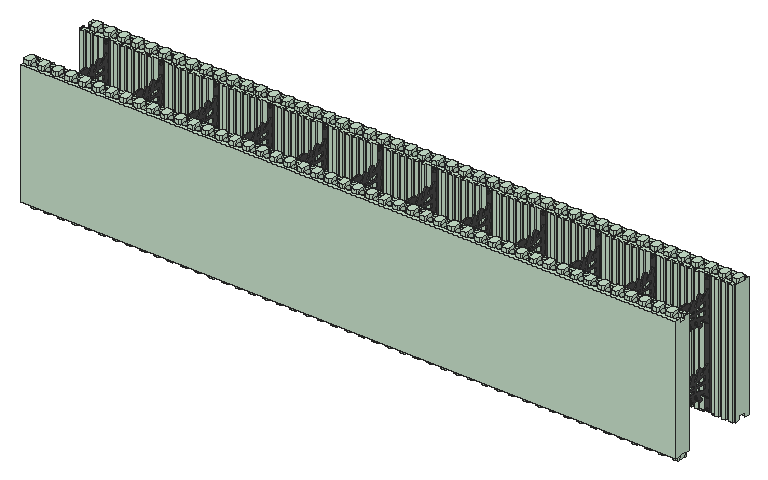
Revit family (continued)
Nested families (in)
  nested 212: "NUDURA Logo Diamond" at (47.99744, 5.625, 0) x (-1, 0, 0) z (0, 0, 1), type "NUDURA Logo Diamond"
  nested 213: "NUDURA Logo Diamond" at (23.99744, 5.625, 0) x (-1, 0, 0) z (0, 0, 1), type "NUDURA Logo Diamond"
  nested 214: "NUDURA Diamond Pattern" at (40, 0, 0), type "NUDURA Diamond Pattern"
  nested 215: "NUDURA Diamond Pattern" at (24, 0, 0), type "NUDURA Diamond Pattern"
  nested 216: "NUDURA Diamond Pattern" at (16, 0, 0), type "NUDURA Diamond Pattern"
  nested 217: "8-inch Web" at (4, -1, 0), type "8-inch Web"
  nested 218: "8-inch Web" at (12, -1, 0), type "8-inch Web"
  nested 219: "8-inch Web" at (20, -1, 0), type "8-inch Web"
  nested 220: "8-inch Web" at (28, -1, 0), type "8-inch Web"
  nested 221: "8-inch Web" at (36, -1, 0), type "8-inch Web"
  nested 222: "8-inch Web" at (44, -1, 0), type "8-inch Web"
  nested 223: "8-inch Web" at (52, -1, 0), type "8-inch Web"
  nested 224: "8-inch Web" at (60, -1, 0), type "8-inch Web"
  nested 225: "8-inch Web" at (68, -1, 0), type "8-inch Web"
  nested 226: "8-inch Web" at (76, -1, 0), type "8-inch Web"
  nested 227: "8-inch Web" at (84, -1, 0), type "8-inch Web"
  nested 228: "8-inch Web" at (92, -1, 0), type "8-inch Web"
Definition of nested family "Interlock Tooth"
  Reference planes (in)
    plane 1 "Center (Front/Back)": y = 0
    plane 2: z = 0
    plane 3 "Center (Left/Right)": x = 0
    plane 4: z = 18
    plane 5: z = 18.5
    plane 6: z = -0.5
  Forms (in)
    Extrusion 1, solid, material "NUDURA Expanded Polystyrene Foam Insulation"
      sketch origin (0, -8.875, 0) x (1, 0, 0) y (0, 1, 0)
        loop
          arc (0, 3.97692) -> (0.04785, 3.82983) -> (0.17308, 3.73905) r 0.25
          arc (0.17308, 3.73905) -> (0.5, 3.6875) -> (0.82692, 3.73905) r 1.0625
          arc (0.82692, 3.73905) -> (0.95215, 3.82983) -> (1, 3.97692) r 0.25
          line (1, 3.97692) -> (1, 4.89808)
          arc (1, 4.89808) -> (0.95215, 5.04517) -> (0.82692, 5.13595) r 0.25
          arc (0.82692, 5.13595) -> (0.5, 5.1875) -> (0.17308, 5.13595) r 1.0625
          arc (0.17308, 5.13595) -> (0.04785, 5.04517) -> (0, 4.89808) r 0.25
          line (0, 4.89808) -> (0, 3.97692)
      from 18 to 18.5
  Dimensions and locks (in)
    locked: plane 4 to level at 18
    locked: plane 4 to plane 5 at 0.5
    locked: plane 6 to level at 0.5
Definition of nested family "8-inch Web"
  Reference planes (in)
    plane 1 "Center (Front/Back)": y = 0
    plane 2: z = 0
    plane 3 "Center (Left/Right)": x = 0
  Forms (in)
    Extrusion 1, solid, material "Polypropylene"
      sketch origin (0, 0, -0.5) x (0, 1, 0) y (0, 0, 1)
        loop
          arc (4.185, 0.98503) -> (4.17874, 0.9705) -> (4.16389, 0.96506) r 0.02
          line (4.16389, 0.96506) -> (4.00611, 0.97383)
          arc (4.00611, 0.97383) -> (3.99126, 0.96839) -> (3.985, 0.95386) r 0.02
          line (3.985, 0.95386) -> (3.985, 0.88265)
          arc (3.985, 0.88265) -> (3.98914, 0.86744) -> (4.00043, 0.85643) r 0.03
          line (4.00043, 0.85643) -> (4.16957, 0.76246)
          arc (4.16957, 0.76246) -> (4.18086, 0.75145) -> (4.185, 0.73624) r 0.03
          line (4.185, 0.73624) -> (4.185, 0.98503)
        loop
          line (-4.185, 0.98503) -> (-4.185, 0.73624)
          arc (-4.185, 0.73624) -> (-4.18086, 0.75145) -> (-4.16957, 0.76246) r 0.03
          line (-4.16957, 0.76246) -> (-4.00043, 0.85643)
          arc (-4.00043, 0.85643) -> (-3.98914, 0.86744) -> (-3.985, 0.88265) r 0.03
          line (-3.985, 0.88265) -> (-3.985, 0.95386)
          arc (-3.985, 0.95386) -> (-3.99126, 0.96839) -> (-4.00611, 0.97383) r 0.02
          line (-4.00611, 0.97383) -> (-4.16389, 0.96506)
          arc (-4.16389, 0.96506) -> (-4.17874, 0.9705) -> (-4.185, 0.98503) r 0.02
        loop
          line (4.02082, 15.41943) -> (4.02082, 15.9194) -> (3.91022, 15.9194) -> (3.91022, 15.98943) -> (4.15332, 15.98943)
          arc (4.15332, 15.98943) -> (4.16974, 15.98724) -> (4.185, 15.98081) r 0.0625
          line (4.185, 15.98081) -> (4.185, 16.6537)
          arc (4.185, 16.6537) -> (4.06705, 16.47067) -> (3.88249, 16.35513) r 0.5
          arc (3.88249, 16.35513) -> (3.7617, 16.26377) -> (3.71582, 16.11943) r 0.25
          line (3.71582, 16.11943) -> (3.71582, 16.05193)
          arc (3.71582, 16.05193) -> (3.73413, 16.00774) -> (3.77832, 15.98943) r 0.0625
          line (3.77832, 15.98943) -> (3.83556, 15.98943) -> (3.83556, 15.9194) -> (3.72137, 15.9194)
          arc (3.72137, 15.9194) -> (3.54907, 15.94401) -> (3.38367, 15.9982) r 0.99729
          arc (3.38367, 15.9982) -> (3.28181, 15.9763) -> (3.25886, 15.87467) r 0.09677
          arc (3.25886, 15.87467) -> (2.80729, 15.53425) -> (2.82496, 16.09948) r 0.31353
          arc (2.82496, 16.09948) -> (2.94751, 16.38546) -> (2.66153, 16.50801) r 0.22
          arc (2.66153, 16.50801) -> (2.42388, 16.35527) -> (2.26931, 16.11881) r 0.67666
          arc (2.26931, 16.11881) -> (2.18004, 15.8095) -> (2.13361, 15.49094) r 2.36477
          arc (2.13361, 15.49094) -> (1.64814, 15.24396) -> (1.68267, 15.78755) r 0.31353
          arc (1.68267, 15.78755) -> (1.7612, 16.07491) -> (1.47916, 16.17081) r 0.21738
          arc (1.47916, 16.17081) -> (1.27447, 16.01742) -> (1.13325, 15.80415) r 0.74993
          line (1.13325, 15.80415) -> (0.99061, 15.41731)
          arc (0.99061, 15.41731) -> (0.48493, 15.24918) -> (0.55907, 15.7769) r 0.31353
          arc (0.55907, 15.7769) -> (0.73529, 16.04091) -> (0.53596, 16.28794) r 0.26801
          arc (0.53596, 16.28794) -> (0.30102, 16.3352) -> (0.06182, 16.35) r 1.75402
          arc (0.06182, 16.35) -> (0.03091, 16.34993) -> (0, 16.34932) r 1.75402
          arc (0, 16.34932) -> (-0.03091, 16.34993) -> (-0.06182, 16.35) r 1.75402
          arc (-0.06182, 16.35) -> (-0.30102, 16.3352) -> (-0.53596, 16.28794) r 1.75402
          arc (-0.53596, 16.28794) -> (-0.73529, 16.04091) -> (-0.55907, 15.7769) r 0.26801
          arc (-0.55907, 15.7769) -> (-0.48493, 15.24918) -> (-0.99061, 15.41731) r 0.31353
          line (-0.99061, 15.41731) -> (-1.13325, 15.80415)
          arc (-1.13325, 15.80415) -> (-1.27447, 16.01742) -> (-1.47916, 16.17081) r 0.74993
          arc (-1.47916, 16.17081) -> (-1.7612, 16.07491) -> (-1.68267, 15.78755) r 0.21738
          arc (-1.68267, 15.78755) -> (-1.64814, 15.24396) -> (-2.13361, 15.49094) r 0.31353
          arc (-2.13361, 15.49094) -> (-2.18004, 15.8095) -> (-2.26931, 16.11881) r 2.36477
          arc (-2.26931, 16.11881) -> (-2.42388, 16.35527) -> (-2.66153, 16.50801) r 0.67666
          arc (-2.66153, 16.50801) -> (-2.94751, 16.38546) -> (-2.82496, 16.09948) r 0.22
          arc (-2.82496, 16.09948) -> (-2.80729, 15.53425) -> (-3.25886, 15.87467) r 0.31353
          arc (-3.25886, 15.87467) -> (-3.28181, 15.9763) -> (-3.38367, 15.9982) r 0.09677
          arc (-3.38367, 15.9982) -> (-3.54907, 15.94401) -> (-3.72137, 15.9194) r 0.99729
          line (-3.72137, 15.9194) -> (-3.83556, 15.9194) -> (-3.83556, 15.98943) -> (-3.77832, 15.98943)
          arc (-3.77832, 15.98943) -> (-3.73413, 16.00774) -> (-3.71582, 16.05193) r 0.0625
          line (-3.71582, 16.05193) -> (-3.71582, 16.11943)
          arc (-3.71582, 16.11943) -> (-3.7617, 16.26377) -> (-3.88249, 16.35513) r 0.25
          arc (-3.88249, 16.35513) -> (-4.06705, 16.47067) -> (-4.185, 16.6537) r 0.5
          line (-4.185, 16.6537) -> (-4.185, 15.98081)
          arc (-4.185, 15.98081) -> (-4.16974, 15.98724) -> (-4.15332, 15.98943) r 0.0625
          line (-4.15332, 15.98943) -> (-3.91022, 15.98943) -> (-3.91022, 15.9194) -> (-4.02082, 15.9194) -> (-4.02082, 15.41943) -> (-3.91022, 15.41943) -> (-3.91022, 15.34943) -> (-4.1225, 15.34943)
          arc (-4.1225, 15.34943) -> (-4.16669, 15.36774) -> (-4.185, 15.41193) r 0.0625
          line (-4.185, 15.41193) -> (-4.185, 14.62693)
          arc (-4.185, 14.62693) -> (-4.16669, 14.67112) -> (-4.1225, 14.68943) r 0.0625
          line (-4.1225, 14.68943) -> (-3.91022, 14.68943) -> (-3.91022, 14.61943) -> (-4.02082, 14.61943) -> (-4.02082, 14.11943) -> (-3.91022, 14.11943) -> (-3.91022, 14.04943) -> (-4.1225, 14.04943)
          arc (-4.1225, 14.04943) -> (-4.16669, 14.06774) -> (-4.185, 14.11193) r 0.0625
          line (-4.185, 14.11193) -> (-4.185, 13.32693)
          arc (-4.185, 13.32693) -> (-4.16669, 13.37112) -> (-4.1225, 13.38943) r 0.0625
          line (-4.1225, 13.38943) -> (-3.91022, 13.38943) -> (-3.91022, 13.31943) -> (-4.02082, 13.31943) -> (-4.02082, 12.81946) -> (-3.91022, 12.81946) -> (-3.91022, 12.74943) -> (-4.1225, 12.74943)
          arc (-4.1225, 12.74943) -> (-4.16669, 12.76774) -> (-4.185, 12.81193) r 0.0625
          line (-4.185, 12.81193) -> (-4.185, 12.21232) -> (-4.11582, 12.21232)
          arc (-4.11582, 12.21232) -> (-4.01183, 12.31528) -> (-3.88249, 12.38373) r 0.5
          arc (-3.88249, 12.38373) -> (-3.7617, 12.47509) -> (-3.71582, 12.61943) r 0.25
          line (-3.71582, 12.61943) -> (-3.71582, 12.68693)
          arc (-3.71582, 12.68693) -> (-3.73413, 12.73112) -> (-3.77832, 12.74943) r 0.0625
          line (-3.77832, 12.74943) -> (-3.83556, 12.74943) -> (-3.83556, 12.81946) -> (-3.72137, 12.81946)
          arc (-3.72137, 12.81946) -> (-3.54907, 12.79485) -> (-3.38367, 12.74066) r 0.99729
          arc (-3.38367, 12.74066) -> (-3.28181, 12.76256) -> (-3.25886, 12.86419) r 0.09677
          arc (-3.25886, 12.86419) -> (-2.80729, 13.20461) -> (-2.82496, 12.63938) r 0.31353
          arc (-2.82496, 12.63938) -> (-2.94751, 12.3534) -> (-2.66153, 12.23085) r 0.22
          arc (-2.66153, 12.23085) -> (-2.42388, 12.38359) -> (-2.26931, 12.62005) r 0.67666
          arc (-2.26931, 12.62005) -> (-2.18004, 12.92936) -> (-2.13361, 13.24792) r 2.36477
          arc (-2.13361, 13.24792) -> (-1.64814, 13.4949) -> (-1.68267, 12.95131) r 0.31353
          arc (-1.68267, 12.95131) -> (-1.7612, 12.66395) -> (-1.47916, 12.56805) r 0.21738
          arc (-1.47916, 12.56805) -> (-1.27447, 12.72144) -> (-1.13325, 12.93471) r 0.74993
          line (-1.13325, 12.93471) -> (-0.99061, 13.32155)
          arc (-0.99061, 13.32155) -> (-0.48493, 13.48968) -> (-0.55907, 12.96196) r 0.31353
          arc (-0.55907, 12.96196) -> (-0.73529, 12.69795) -> (-0.53596, 12.45092) r 0.26801
          arc (-0.53596, 12.45092) -> (-0.30102, 12.40366) -> (-0.06182, 12.38886) r 1.75402
          arc (-0.06182, 12.38886) -> (-0.03091, 12.38893) -> (0, 12.38954) r 1.75402
          arc (0, 12.38954) -> (0.03091, 12.38893) -> (0.06182, 12.38886) r 1.75402
          arc (0.06182, 12.38886) -> (0.30102, 12.40366) -> (0.53596, 12.45092) r 1.75402
          arc (0.53596, 12.45092) -> (0.73529, 12.69795) -> (0.55907, 12.96196) r 0.26801
          arc (0.55907, 12.96196) -> (0.48493, 13.48968) -> (0.99061, 13.32155) r 0.31353
          line (0.99061, 13.32155) -> (1.13325, 12.93471)
          arc (1.13325, 12.93471) -> (1.27447, 12.72144) -> (1.47916, 12.56805) r 0.74993
          arc (1.47916, 12.56805) -> (1.7612, 12.66395) -> (1.68267, 12.95131) r 0.21738
          arc (1.68267, 12.95131) -> (1.64814, 13.4949) -> (2.13361, 13.24792) r 0.31353
          arc (2.13361, 13.24792) -> (2.18004, 12.92936) -> (2.26931, 12.62005) r 2.36477
          arc (2.26931, 12.62005) -> (2.42388, 12.38359) -> (2.66153, 12.23085) r 0.67666
          arc (2.66153, 12.23085) -> (2.94751, 12.3534) -> (2.82496, 12.63938) r 0.22
          arc (2.82496, 12.63938) -> (2.80729, 13.20461) -> (3.25886, 12.86419) r 0.31353
          arc (3.25886, 12.86419) -> (3.28181, 12.76256) -> (3.38367, 12.74066) r 0.09677
          arc (3.38367, 12.74066) -> (3.54907, 12.79485) -> (3.72137, 12.81946) r 0.99729
          line (3.72137, 12.81946) -> (3.83556, 12.81946) -> (3.83556, 12.74943) -> (3.77832, 12.74943)
          arc (3.77832, 12.74943) -> (3.73413, 12.73112) -> (3.71582, 12.68693) r 0.0625
          line (3.71582, 12.68693) -> (3.71582, 12.61943)
          arc (3.71582, 12.61943) -> (3.7617, 12.47509) -> (3.88249, 12.38373) r 0.25
          arc (3.88249, 12.38373) -> (4.01183, 12.31528) -> (4.11582, 12.21232) r 0.5
          line (4.11582, 12.21232) -> (4.185, 12.21232) -> (4.185, 12.81193)
          arc (4.185, 12.81193) -> (4.16669, 12.76774) -> (4.1225, 12.74943) r 0.0625
          line (4.1225, 12.74943) -> (3.91022, 12.74943) -> (3.91022, 12.81946) -> (4.02082, 12.81946) -> (4.02082, 13.31943) -> (3.91022, 13.31943) -> (3.91022, 13.38943) -> (4.1225, 13.38943)
          arc (4.1225, 13.38943) -> (4.16669, 13.37112) -> (4.185, 13.32693) r 0.0625
          line (4.185, 13.32693) -> (4.185, 14.11193)
          arc (4.185, 14.11193) -> (4.16669, 14.06774) -> (4.1225, 14.04943) r 0.0625
          line (4.1225, 14.04943) -> (3.91022, 14.04943) -> (3.91022, 14.11943) -> (4.02082, 14.11943) -> (4.02082, 14.61943) -> (3.91022, 14.61943) -> (3.91022, 14.68943) -> (4.1225, 14.68943)
          arc (4.1225, 14.68943) -> (4.16669, 14.67112) -> (4.185, 14.62693) r 0.0625
          line (4.185, 14.62693) -> (4.185, 15.41193)
          arc (4.185, 15.41193) -> (4.16669, 15.36774) -> (4.1225, 15.34943) r 0.0625
          line (4.1225, 15.34943) -> (3.91022, 15.34943) -> (3.91022, 15.41943) -> (4.02082, 15.41943)
        loop
          arc (3.61722, 14.5911) -> (3.66725, 14.61172) -> (3.72082, 14.61943) r 0.21872
          line (3.72082, 14.61943) -> (3.83556, 14.61943) -> (3.83556, 14.68943) -> (3.77832, 14.68943)
          arc (3.77832, 14.68943) -> (3.73413, 14.70774) -> (3.71582, 14.75193) r 0.0625
          line (3.71582, 14.75193) -> (3.71582, 15.28693)
          arc (3.71582, 15.28693) -> (3.73413, 15.33112) -> (3.77832, 15.34943) r 0.0625
          line (3.77832, 15.34943) -> (3.83556, 15.34943) -> (3.83556, 15.41943) -> (3.72082, 15.41943)
          arc (3.72082, 15.41943) -> (2.8612, 15.22018) -> (1.99577, 15.04787) r 28.25303
          arc (1.99577, 15.04787) -> (1.93696, 15.01354) -> (1.91377, 14.9495) r 0.1
          line (1.91377, 14.9495) -> (1.91377, 14.56474)
          arc (1.91377, 14.56474) -> (1.94303, 14.49405) -> (2.0137, 14.46474) r 0.1
          line (2.0137, 14.46474) -> (3.1681, 14.46396)
          arc (3.1681, 14.46396) -> (3.39912, 14.5047) -> (3.61722, 14.5911) r 1.15974
        loop
          line (3.72082, 13.31943) -> (3.83556, 13.31943) -> (3.83556, 13.38943) -> (3.77832, 13.38943)
          arc (3.77832, 13.38943) -> (3.73413, 13.40774) -> (3.71582, 13.45193) r 0.0625
          line (3.71582, 13.45193) -> (3.71582, 13.98693)
          arc (3.71582, 13.98693) -> (3.73413, 14.03112) -> (3.77832, 14.04943) r 0.0625
          line (3.77832, 14.04943) -> (3.83556, 14.04943) -> (3.83556, 14.11943) -> (3.72082, 14.11943)
          arc (3.72082, 14.11943) -> (3.66725, 14.12714) -> (3.61722, 14.14776) r 0.21872
          arc (3.61722, 14.14776) -> (3.39912, 14.23416) -> (3.1681, 14.2749) r 1.15974
          line (3.1681, 14.2749) -> (2.0137, 14.2749)
          arc (2.0137, 14.2749) -> (1.94303, 14.24481) -> (1.91377, 14.17412) r 0.1
          line (1.91377, 14.17412) -> (1.91377, 13.78936)
          arc (1.91377, 13.78936) -> (1.93696, 13.72532) -> (1.99577, 13.69099) r 0.1
          arc (1.99577, 13.69099) -> (2.8612, 13.51868) -> (3.72082, 13.31943) r 28.25303
        loop
          line (4.185, 18.01497) -> (4.185, 18.26376)
          arc (4.185, 18.26376) -> (4.18086, 18.24855) -> (4.16957, 18.23754) r 0.03
          line (4.16957, 18.23754) -> (4.00043, 18.14357)
          arc (4.00043, 18.14357) -> (3.98914, 18.13256) -> (3.985, 18.11735) r 0.03
          line (3.985, 18.11735) -> (3.985, 18.04614)
          arc (3.985, 18.04614) -> (3.99126, 18.03161) -> (4.00611, 18.02617) r 0.02
          line (4.00611, 18.02617) -> (4.16389, 18.03494)
          arc (4.16389, 18.03494) -> (4.17874, 18.0295) -> (4.185, 18.01497) r 0.02
        loop
          arc (-4.185, 18.01497) -> (-4.17874, 18.0295) -> (-4.16389, 18.03494) r 0.02
          line (-4.16389, 18.03494) -> (-4.00611, 18.02617)
          arc (-4.00611, 18.02617) -> (-3.99126, 18.03161) -> (-3.985, 18.04614) r 0.02
          line (-3.985, 18.04614) -> (-3.985, 18.11735)
          arc (-3.985, 18.11735) -> (-3.98914, 18.13256) -> (-4.00043, 18.14357) r 0.03
          line (-4.00043, 18.14357) -> (-4.16957, 18.23754)
          arc (-4.16957, 18.23754) -> (-4.18086, 18.24855) -> (-4.185, 18.26376) r 0.03
          line (-4.185, 18.26376) -> (-4.185, 18.01497)
        loop
          arc (1.64262, 14.9857) -> (1.3631, 14.94624) -> (1.0811, 14.93338) r 2.98393
          line (1.0811, 14.93338) -> (0.43422, 14.93338)
          arc (0.43422, 14.93338) -> (0.1999, 14.69906) -> (0.43422, 14.46474) r 0.23432
          line (0.43422, 14.46474) -> (1.66127, 14.46474)
          arc (1.66127, 14.46474) -> (1.73198, 14.49403) -> (1.76127, 14.56474) r 0.1
          line (1.76127, 14.56474) -> (1.76127, 14.88745)
          arc (1.76127, 14.88745) -> (1.72505, 14.96447) -> (1.64262, 14.9857) r 0.1
        loop
          arc (1.64262, 13.75316) -> (1.72505, 13.77439) -> (1.76127, 13.85141) r 0.1
          line (1.76127, 13.85141) -> (1.76127, 14.17412)
          arc (1.76127, 14.17412) -> (1.73198, 14.24483) -> (1.66127, 14.27412) r 0.1
          line (1.66127, 14.27412) -> (0.43422, 14.27412)
          arc (0.43422, 14.27412) -> (0.1999, 14.0398) -> (0.43422, 13.80548) r 0.23432
          line (0.43422, 13.80548) -> (1.0811, 13.80548)
          arc (1.0811, 13.80548) -> (1.3631, 13.79262) -> (1.64262, 13.75316) r 2.98393
        loop
          arc (-3.61722, 14.5911) -> (-3.39912, 14.5047) -> (-3.1681, 14.46396) r 1.15974
          line (-3.1681, 14.46396) -> (-2.0137, 14.46474)
          arc (-2.0137, 14.46474) -> (-1.94303, 14.49405) -> (-1.91377, 14.56474) r 0.1
          line (-1.91377, 14.56474) -> (-1.91377, 14.9495)
          arc (-1.91377, 14.9495) -> (-1.93696, 15.01354) -> (-1.99577, 15.04787) r 0.1
          arc (-1.99577, 15.04787) -> (-2.8612, 15.22018) -> (-3.72082, 15.41943) r 28.25303
          line (-3.72082, 15.41943) -> (-3.83556, 15.41943) -> (-3.83556, 15.34943) -> (-3.77832, 15.34943)
          arc (-3.77832, 15.34943) -> (-3.73413, 15.33112) -> (-3.71582, 15.28693) r 0.0625
          line (-3.71582, 15.28693) -> (-3.71582, 14.75193)
          arc (-3.71582, 14.75193) -> (-3.73413, 14.70774) -> (-3.77832, 14.68943) r 0.0625
          line (-3.77832, 14.68943) -> (-3.83556, 14.68943) -> (-3.83556, 14.61943) -> (-3.72082, 14.61943)
          arc (-3.72082, 14.61943) -> (-3.66725, 14.61172) -> (-3.61722, 14.5911) r 0.21872
        loop
          arc (-3.72082, 13.31943) -> (-2.8612, 13.51868) -> (-1.99577, 13.69099) r 28.25303
          arc (-1.99577, 13.69099) -> (-1.93696, 13.72532) -> (-1.91377, 13.78936) r 0.1
          line (-1.91377, 13.78936) -> (-1.91377, 14.17412)
          arc (-1.91377, 14.17412) -> (-1.94303, 14.24481) -> (-2.0137, 14.2749) r 0.1
          line (-2.0137, 14.2749) -> (-3.1681, 14.2749)
          arc (-3.1681, 14.2749) -> (-3.39912, 14.23416) -> (-3.61722, 14.14776) r 1.15974
          arc (-3.61722, 14.14776) -> (-3.66725, 14.12714) -> (-3.72082, 14.11943) r 0.21872
          line (-3.72082, 14.11943) -> (-3.83556, 14.11943) -> (-3.83556, 14.04943) -> (-3.77832, 14.04943)
          arc (-3.77832, 14.04943) -> (-3.73413, 14.03112) -> (-3.71582, 13.98693) r 0.0625
          line (-3.71582, 13.98693) -> (-3.71582, 13.45193)
          arc (-3.71582, 13.45193) -> (-3.73413, 13.40774) -> (-3.77832, 13.38943) r 0.0625
          line (-3.77832, 13.38943) -> (-3.83556, 13.38943) -> (-3.83556, 13.31943) -> (-3.72082, 13.31943)
        loop
          arc (-1.64262, 14.9857) -> (-1.72505, 14.96447) -> (-1.76127, 14.88745) r 0.1
          line (-1.76127, 14.88745) -> (-1.76127, 14.56474)
          arc (-1.76127, 14.56474) -> (-1.73198, 14.49403) -> (-1.66127, 14.46474) r 0.1
          line (-1.66127, 14.46474) -> (-0.43422, 14.46474)
          arc (-0.43422, 14.46474) -> (-0.1999, 14.69906) -> (-0.43422, 14.93338) r 0.23432
          line (-0.43422, 14.93338) -> (-1.0811, 14.93338)
          arc (-1.0811, 14.93338) -> (-1.3631, 14.94624) -> (-1.64262, 14.9857) r 2.98393
        loop
          arc (-1.64262, 13.75316) -> (-1.3631, 13.79262) -> (-1.0811, 13.80548) r 2.98393
          line (-1.0811, 13.80548) -> (-0.43422, 13.80548)
          arc (-0.43422, 13.80548) -> (-0.1999, 14.0398) -> (-0.43422, 14.27412) r 0.23432
          line (-0.43422, 14.27412) -> (-1.66127, 14.27412)
          arc (-1.66127, 14.27412) -> (-1.73198, 14.24483) -> (-1.76127, 14.17412) r 0.1
          line (-1.76127, 14.17412) -> (-1.76127, 13.85141)
          arc (-1.76127, 13.85141) -> (-1.72505, 13.77439) -> (-1.64262, 13.75316) r 0.1
        loop
          line (4.02082, 3.58057) -> (3.91022, 3.58057) -> (3.91022, 3.65057) -> (4.1225, 3.65057)
          arc (4.1225, 3.65057) -> (4.16669, 3.63226) -> (4.185, 3.58807) r 0.0625
          line (4.185, 3.58807) -> (4.185, 4.37307)
          arc (4.185, 4.37307) -> (4.16669, 4.32888) -> (4.1225, 4.31057) r 0.0625
          line (4.1225, 4.31057) -> (3.91022, 4.31057) -> (3.91022, 4.38057) -> (4.02082, 4.38057) -> (4.02082, 4.88057) -> (3.91022, 4.88057) -> (3.91022, 4.95057) -> (4.1225, 4.95057)
          arc (4.1225, 4.95057) -> (4.16669, 4.93226) -> (4.185, 4.88807) r 0.0625
          line (4.185, 4.88807) -> (4.185, 5.67307)
          arc (4.185, 5.67307) -> (4.16669, 5.62888) -> (4.1225, 5.61057) r 0.0625
          line (4.1225, 5.61057) -> (3.91022, 5.61057) -> (3.91022, 5.68057) -> (4.02082, 5.68057) -> (4.02082, 6.18054) -> (3.91022, 6.18054) -> (3.91022, 6.25057) -> (4.1225, 6.25057)
          arc (4.1225, 6.25057) -> (4.16669, 6.23226) -> (4.185, 6.18807) r 0.0625
          line (4.185, 6.18807) -> (4.185, 6.78768) -> (4.11582, 6.78768)
          arc (4.11582, 6.78768) -> (4.01183, 6.68472) -> (3.88249, 6.61627) r 0.5
          arc (3.88249, 6.61627) -> (3.7617, 6.52491) -> (3.71582, 6.38057) r 0.25
          line (3.71582, 6.38057) -> (3.71582, 6.31307)
          arc (3.71582, 6.31307) -> (3.73413, 6.26888) -> (3.77832, 6.25057) r 0.0625
          line (3.77832, 6.25057) -> (3.83556, 6.25057) -> (3.83556, 6.18054) -> (3.72137, 6.18054)
          arc (3.72137, 6.18054) -> (3.54907, 6.20515) -> (3.38367, 6.25934) r 0.99729
          arc (3.38367, 6.25934) -> (3.28181, 6.23744) -> (3.25886, 6.13581) r 0.09677
          arc (3.25886, 6.13581) -> (2.80729, 5.79539) -> (2.82496, 6.36062) r 0.31353
          arc (2.82496, 6.36062) -> (2.94751, 6.6466) -> (2.66153, 6.76915) r 0.22
          arc (2.66153, 6.76915) -> (2.42388, 6.61641) -> (2.26931, 6.37995) r 0.67666
          arc (2.26931, 6.37995) -> (2.18004, 6.07064) -> (2.13361, 5.75208) r 2.36477
          arc (2.13361, 5.75208) -> (1.64814, 5.5051) -> (1.68267, 6.04869) r 0.31353
          arc (1.68267, 6.04869) -> (1.7612, 6.33605) -> (1.47916, 6.43195) r 0.21738
          arc (1.47916, 6.43195) -> (1.27447, 6.27856) -> (1.13325, 6.06529) r 0.74993
          line (1.13325, 6.06529) -> (0.99061, 5.67845)
          arc (0.99061, 5.67845) -> (0.48493, 5.51032) -> (0.55907, 6.03804) r 0.31353
          arc (0.55907, 6.03804) -> (0.73529, 6.30205) -> (0.53596, 6.54908) r 0.26801
          arc (0.53596, 6.54908) -> (0.30102, 6.59634) -> (0.06182, 6.61114) r 1.75402
          arc (0.06182, 6.61114) -> (0.03091, 6.61107) -> (0, 6.61046) r 1.75402
          arc (0, 6.61046) -> (-0.03091, 6.61107) -> (-0.06182, 6.61114) r 1.75402
          arc (-0.06182, 6.61114) -> (-0.30102, 6.59634) -> (-0.53596, 6.54908) r 1.75402
          arc (-0.53596, 6.54908) -> (-0.73529, 6.30205) -> (-0.55907, 6.03804) r 0.26801
          arc (-0.55907, 6.03804) -> (-0.48493, 5.51032) -> (-0.99061, 5.67845) r 0.31353
          line (-0.99061, 5.67845) -> (-1.13325, 6.06529)
          arc (-1.13325, 6.06529) -> (-1.27447, 6.27856) -> (-1.47916, 6.43195) r 0.74993
          arc (-1.47916, 6.43195) -> (-1.7612, 6.33605) -> (-1.68267, 6.04869) r 0.21738
          arc (-1.68267, 6.04869) -> (-1.64814, 5.5051) -> (-2.13361, 5.75208) r 0.31353
          arc (-2.13361, 5.75208) -> (-2.18004, 6.07064) -> (-2.26931, 6.37995) r 2.36477
          arc (-2.26931, 6.37995) -> (-2.42388, 6.61641) -> (-2.66153, 6.76915) r 0.67666
          arc (-2.66153, 6.76915) -> (-2.94751, 6.6466) -> (-2.82496, 6.36062) r 0.22
          arc (-2.82496, 6.36062) -> (-2.80729, 5.79539) -> (-3.25886, 6.13581) r 0.31353
          arc (-3.25886, 6.13581) -> (-3.28181, 6.23744) -> (-3.38367, 6.25934) r 0.09677
          arc (-3.38367, 6.25934) -> (-3.54907, 6.20515) -> (-3.72137, 6.18054) r 0.99729
          line (-3.72137, 6.18054) -> (-3.83556, 6.18054) -> (-3.83556, 6.25057) -> (-3.77832, 6.25057)
          arc (-3.77832, 6.25057) -> (-3.73413, 6.26888) -> (-3.71582, 6.31307) r 0.0625
          line (-3.71582, 6.31307) -> (-3.71582, 6.38057)
          arc (-3.71582, 6.38057) -> (-3.7617, 6.52491) -> (-3.88249, 6.61627) r 0.25
          arc (-3.88249, 6.61627) -> (-4.01183, 6.68472) -> (-4.11582, 6.78768) r 0.5
          line (-4.11582, 6.78768) -> (-4.185, 6.78768) -> (-4.185, 6.18807)
          arc (-4.185, 6.18807) -> (-4.16669, 6.23226) -> (-4.1225, 6.25057) r 0.0625
          line (-4.1225, 6.25057) -> (-3.91022, 6.25057) -> (-3.91022, 6.18054) -> (-4.02082, 6.18054) -> (-4.02082, 5.68057) -> (-3.91022, 5.68057) -> (-3.91022, 5.61057) -> (-4.1225, 5.61057)
          arc (-4.1225, 5.61057) -> (-4.16669, 5.62888) -> (-4.185, 5.67307) r 0.0625
          line (-4.185, 5.67307) -> (-4.185, 4.88807)
          arc (-4.185, 4.88807) -> (-4.16669, 4.93226) -> (-4.1225, 4.95057) r 0.0625
          line (-4.1225, 4.95057) -> (-3.91022, 4.95057) -> (-3.91022, 4.88057) -> (-4.02082, 4.88057) -> (-4.02082, 4.38057) -> (-3.91022, 4.38057) -> (-3.91022, 4.31057) -> (-4.1225, 4.31057)
          arc (-4.1225, 4.31057) -> (-4.16669, 4.32888) -> (-4.185, 4.37307) r 0.0625
          line (-4.185, 4.37307) -> (-4.185, 3.58807)
          arc (-4.185, 3.58807) -> (-4.16669, 3.63226) -> (-4.1225, 3.65057) r 0.0625
          line (-4.1225, 3.65057) -> (-3.91022, 3.65057) -> (-3.91022, 3.58057) -> (-4.02082, 3.58057) -> (-4.02082, 3.0806) -> (-3.91022, 3.0806) -> (-3.91022, 3.01057) -> (-4.15332, 3.01057)
          arc (-4.15332, 3.01057) -> (-4.16974, 3.01276) -> (-4.185, 3.01919) r 0.0625
          line (-4.185, 3.01919) -> (-4.185, 2.3463)
          arc (-4.185, 2.3463) -> (-4.06705, 2.52933) -> (-3.88249, 2.64487) r 0.5
          arc (-3.88249, 2.64487) -> (-3.7617, 2.73623) -> (-3.71582, 2.88057) r 0.25
          line (-3.71582, 2.88057) -> (-3.71582, 2.94807)
          arc (-3.71582, 2.94807) -> (-3.73413, 2.99226) -> (-3.77832, 3.01057) r 0.0625
          line (-3.77832, 3.01057) -> (-3.83556, 3.01057) -> (-3.83556, 3.0806) -> (-3.72137, 3.0806)
          arc (-3.72137, 3.0806) -> (-3.54907, 3.05599) -> (-3.38367, 3.0018) r 0.99729
          arc (-3.38367, 3.0018) -> (-3.28181, 3.0237) -> (-3.25886, 3.12533) r 0.09677
          arc (-3.25886, 3.12533) -> (-2.80729, 3.46575) -> (-2.82496, 2.90052) r 0.31353
          arc (-2.82496, 2.90052) -> (-2.94751, 2.61454) -> (-2.66153, 2.49199) r 0.22
          arc (-2.66153, 2.49199) -> (-2.42388, 2.64473) -> (-2.26931, 2.88119) r 0.67666
          arc (-2.26931, 2.88119) -> (-2.18004, 3.1905) -> (-2.13361, 3.50906) r 2.36477
          arc (-2.13361, 3.50906) -> (-1.64814, 3.75604) -> (-1.68267, 3.21245) r 0.31353
          arc (-1.68267, 3.21245) -> (-1.7612, 2.92509) -> (-1.47916, 2.82919) r 0.21738
          arc (-1.47916, 2.82919) -> (-1.27447, 2.98258) -> (-1.13325, 3.19585) r 0.74993
          line (-1.13325, 3.19585) -> (-0.99061, 3.58269)
          arc (-0.99061, 3.58269) -> (-0.48493, 3.75082) -> (-0.55907, 3.2231) r 0.31353
          arc (-0.55907, 3.2231) -> (-0.73529, 2.95909) -> (-0.53596, 2.71206) r 0.26801
          arc (-0.53596, 2.71206) -> (-0.30102, 2.6648) -> (-0.06182, 2.65) r 1.75402
          arc (-0.06182, 2.65) -> (-0.03091, 2.65007) -> (0, 2.65068) r 1.75402
          arc (0, 2.65068) -> (0.03091, 2.65007) -> (0.06182, 2.65) r 1.75402
          arc (0.06182, 2.65) -> (0.30102, 2.6648) -> (0.53596, 2.71206) r 1.75402
          arc (0.53596, 2.71206) -> (0.73529, 2.95909) -> (0.55907, 3.2231) r 0.26801
          arc (0.55907, 3.2231) -> (0.48493, 3.75082) -> (0.99061, 3.58269) r 0.31353
          line (0.99061, 3.58269) -> (1.13325, 3.19585)
          arc (1.13325, 3.19585) -> (1.27447, 2.98258) -> (1.47916, 2.82919) r 0.74993
          arc (1.47916, 2.82919) -> (1.7612, 2.92509) -> (1.68267, 3.21245) r 0.21738
          arc (1.68267, 3.21245) -> (1.64814, 3.75604) -> (2.13361, 3.50906) r 0.31353
          arc (2.13361, 3.50906) -> (2.18004, 3.1905) -> (2.26931, 2.88119) r 2.36477
          arc (2.26931, 2.88119) -> (2.42388, 2.64473) -> (2.66153, 2.49199) r 0.67666
          arc (2.66153, 2.49199) -> (2.94751, 2.61454) -> (2.82496, 2.90052) r 0.22
          arc (2.82496, 2.90052) -> (2.80729, 3.46575) -> (3.25886, 3.12533) r 0.31353
          arc (3.25886, 3.12533) -> (3.28181, 3.0237) -> (3.38367, 3.0018) r 0.09677
          arc (3.38367, 3.0018) -> (3.54907, 3.05599) -> (3.72137, 3.0806) r 0.99729
          line (3.72137, 3.0806) -> (3.83556, 3.0806) -> (3.83556, 3.01057) -> (3.77832, 3.01057)
          arc (3.77832, 3.01057) -> (3.73413, 2.99226) -> (3.71582, 2.94807) r 0.0625
          line (3.71582, 2.94807) -> (3.71582, 2.88057)
          arc (3.71582, 2.88057) -> (3.7617, 2.73623) -> (3.88249, 2.64487) r 0.25
          arc (3.88249, 2.64487) -> (4.06705, 2.52933) -> (4.185, 2.3463) r 0.5
          line (4.185, 2.3463) -> (4.185, 3.01919)
          arc (4.185, 3.01919) -> (4.16974, 3.01276) -> (4.15332, 3.01057) r 0.0625
          line (4.15332, 3.01057) -> (3.91022, 3.01057) -> (3.91022, 3.0806) -> (4.02082, 3.0806) -> (4.02082, 3.58057)
        loop
          arc (3.61722, 4.4089) -> (3.39912, 4.4953) -> (3.1681, 4.53604) r 1.15974
          line (3.1681, 4.53604) -> (2.0137, 4.53526)
          arc (2.0137, 4.53526) -> (1.94303, 4.50595) -> (1.91377, 4.43526) r 0.1
          line (1.91377, 4.43526) -> (1.91377, 4.0505)
          arc (1.91377, 4.0505) -> (1.93696, 3.98646) -> (1.99577, 3.95213) r 0.1
          arc (1.99577, 3.95213) -> (2.8612, 3.77982) -> (3.72082, 3.58057) r 28.25303
          line (3.72082, 3.58057) -> (3.83556, 3.58057) -> (3.83556, 3.65057) -> (3.77832, 3.65057)
          arc (3.77832, 3.65057) -> (3.73413, 3.66888) -> (3.71582, 3.71307) r 0.0625
          line (3.71582, 3.71307) -> (3.71582, 4.24807)
          arc (3.71582, 4.24807) -> (3.73413, 4.29226) -> (3.77832, 4.31057) r 0.0625
          line (3.77832, 4.31057) -> (3.83556, 4.31057) -> (3.83556, 4.38057) -> (3.72082, 4.38057)
          arc (3.72082, 4.38057) -> (3.66725, 4.38828) -> (3.61722, 4.4089) r 0.21872
        loop
          arc (3.72082, 5.68057) -> (2.8612, 5.48132) -> (1.99577, 5.30901) r 28.25303
          arc (1.99577, 5.30901) -> (1.93696, 5.27468) -> (1.91377, 5.21064) r 0.1
          line (1.91377, 5.21064) -> (1.91377, 4.82588)
          arc (1.91377, 4.82588) -> (1.94303, 4.75519) -> (2.0137, 4.7251) r 0.1
          line (2.0137, 4.7251) -> (3.1681, 4.7251)
          arc (3.1681, 4.7251) -> (3.39912, 4.76584) -> (3.61722, 4.85224) r 1.15974
          arc (3.61722, 4.85224) -> (3.66725, 4.87286) -> (3.72082, 4.88057) r 0.21872
          line (3.72082, 4.88057) -> (3.83556, 4.88057) -> (3.83556, 4.95057) -> (3.77832, 4.95057)
          arc (3.77832, 4.95057) -> (3.73413, 4.96888) -> (3.71582, 5.01307) r 0.0625
          line (3.71582, 5.01307) -> (3.71582, 5.54807)
          arc (3.71582, 5.54807) -> (3.73413, 5.59226) -> (3.77832, 5.61057) r 0.0625
          line (3.77832, 5.61057) -> (3.83556, 5.61057) -> (3.83556, 5.68057) -> (3.72082, 5.68057)
        loop
          arc (1.64262, 4.0143) -> (1.72505, 4.03553) -> (1.76127, 4.11255) r 0.1
          line (1.76127, 4.11255) -> (1.76127, 4.43526)
          arc (1.76127, 4.43526) -> (1.73198, 4.50597) -> (1.66127, 4.53526) r 0.1
          line (1.66127, 4.53526) -> (0.43422, 4.53526)
          arc (0.43422, 4.53526) -> (0.1999, 4.30094) -> (0.43422, 4.06662) r 0.23432
          line (0.43422, 4.06662) -> (1.0811, 4.06662)
          arc (1.0811, 4.06662) -> (1.3631, 4.05376) -> (1.64262, 4.0143) r 2.98393
        loop
          arc (1.64262, 5.24684) -> (1.3631, 5.20738) -> (1.0811, 5.19452) r 2.98393
          line (1.0811, 5.19452) -> (0.43422, 5.19452)
          arc (0.43422, 5.19452) -> (0.1999, 4.9602) -> (0.43422, 4.72588) r 0.23432
          line (0.43422, 4.72588) -> (1.66127, 4.72588)
          arc (1.66127, 4.72588) -> (1.73198, 4.75517) -> (1.76127, 4.82588) r 0.1
          line (1.76127, 4.82588) -> (1.76127, 5.14859)
          arc (1.76127, 5.14859) -> (1.72505, 5.22561) -> (1.64262, 5.24684) r 0.1
        loop
          arc (-3.61722, 4.4089) -> (-3.66725, 4.38828) -> (-3.72082, 4.38057) r 0.21872
          line (-3.72082, 4.38057) -> (-3.83556, 4.38057) -> (-3.83556, 4.31057) -> (-3.77832, 4.31057)
          arc (-3.77832, 4.31057) -> (-3.73413, 4.29226) -> (-3.71582, 4.24807) r 0.0625
          line (-3.71582, 4.24807) -> (-3.71582, 3.71307)
          arc (-3.71582, 3.71307) -> (-3.73413, 3.66888) -> (-3.77832, 3.65057) r 0.0625
          line (-3.77832, 3.65057) -> (-3.83556, 3.65057) -> (-3.83556, 3.58057) -> (-3.72082, 3.58057)
          arc (-3.72082, 3.58057) -> (-2.8612, 3.77982) -> (-1.99577, 3.95213) r 28.25303
          arc (-1.99577, 3.95213) -> (-1.93696, 3.98646) -> (-1.91377, 4.0505) r 0.1
          line (-1.91377, 4.0505) -> (-1.91377, 4.43526)
          arc (-1.91377, 4.43526) -> (-1.94303, 4.50595) -> (-2.0137, 4.53526) r 0.1
          line (-2.0137, 4.53526) -> (-3.1681, 4.53604)
          arc (-3.1681, 4.53604) -> (-3.39912, 4.4953) -> (-3.61722, 4.4089) r 1.15974
        loop
          line (-3.72082, 5.68057) -> (-3.83556, 5.68057) -> (-3.83556, 5.61057) -> (-3.77832, 5.61057)
          arc (-3.77832, 5.61057) -> (-3.73413, 5.59226) -> (-3.71582, 5.54807) r 0.0625
          line (-3.71582, 5.54807) -> (-3.71582, 5.01307)
          arc (-3.71582, 5.01307) -> (-3.73413, 4.96888) -> (-3.77832, 4.95057) r 0.0625
          line (-3.77832, 4.95057) -> (-3.83556, 4.95057) -> (-3.83556, 4.88057) -> (-3.72082, 4.88057)
          arc (-3.72082, 4.88057) -> (-3.66725, 4.87286) -> (-3.61722, 4.85224) r 0.21872
          arc (-3.61722, 4.85224) -> (-3.39912, 4.76584) -> (-3.1681, 4.7251) r 1.15974
          line (-3.1681, 4.7251) -> (-2.0137, 4.7251)
          arc (-2.0137, 4.7251) -> (-1.94303, 4.75519) -> (-1.91377, 4.82588) r 0.1
          line (-1.91377, 4.82588) -> (-1.91377, 5.21064)
          arc (-1.91377, 5.21064) -> (-1.93696, 5.27468) -> (-1.99577, 5.30901) r 0.1
          arc (-1.99577, 5.30901) -> (-2.8612, 5.48132) -> (-3.72082, 5.68057) r 28.25303
        loop
          arc (-1.64262, 4.0143) -> (-1.3631, 4.05376) -> (-1.0811, 4.06662) r 2.98393
          line (-1.0811, 4.06662) -> (-0.43422, 4.06662)
          arc (-0.43422, 4.06662) -> (-0.1999, 4.30094) -> (-0.43422, 4.53526) r 0.23432
          line (-0.43422, 4.53526) -> (-1.66127, 4.53526)
          arc (-1.66127, 4.53526) -> (-1.73198, 4.50597) -> (-1.76127, 4.43526) r 0.1
          line (-1.76127, 4.43526) -> (-1.76127, 4.11255)
          arc (-1.76127, 4.11255) -> (-1.72505, 4.03553) -> (-1.64262, 4.0143) r 0.1
        loop
          arc (-1.64262, 5.24684) -> (-1.72505, 5.22561) -> (-1.76127, 5.14859) r 0.1
          line (-1.76127, 5.14859) -> (-1.76127, 4.82588)
          arc (-1.76127, 4.82588) -> (-1.73198, 4.75517) -> (-1.66127, 4.72588) r 0.1
          line (-1.66127, 4.72588) -> (-0.43422, 4.72588)
          arc (-0.43422, 4.72588) -> (-0.1999, 4.9602) -> (-0.43422, 5.19452) r 0.23432
          line (-0.43422, 5.19452) -> (-1.0811, 5.19452)
          arc (-1.0811, 5.19452) -> (-1.3631, 5.20738) -> (-1.64262, 5.24684) r 2.98393
      from -0.125 to 0.125
    Extrusion 2, solid, material "Polypropylene"
      sketch origin (0, 0, 0) x (0, 1, 0) y (0, 0, 1)
        loop
          line (4.185, 17.8125) -> (4.185, 0.1875)
          arc (4.185, 0.1875) -> (4.2042, 0.14243) -> (4.25, 0.12505) r 0.0625
          arc (4.25, 0.12505) -> (4.2958, 0.14243) -> (4.315, 0.1875) r 0.0625
          line (4.315, 0.1875) -> (4.315, 17.8125)
          arc (4.315, 17.8125) -> (4.2958, 17.85757) -> (4.25, 17.87495) r 0.0625
          arc (4.25, 17.87495) -> (4.2042, 17.85757) -> (4.185, 17.8125) r 0.0625
        loop
          arc (-4.185, 17.8125) -> (-4.2042, 17.85757) -> (-4.25, 17.87495) r 0.0625
          arc (-4.25, 17.87495) -> (-4.2958, 17.85757) -> (-4.315, 17.8125) r 0.0625
          line (-4.315, 17.8125) -> (-4.315, 0.1875)
          arc (-4.315, 0.1875) -> (-4.2958, 0.14243) -> (-4.25, 0.12505) r 0.0625
          arc (-4.25, 0.12505) -> (-4.2042, 0.14243) -> (-4.185, 0.1875) r 0.0625
          line (-4.185, 0.1875) -> (-4.185, 17.8125)
      from -0.36328 to 0.36328
Definition of nested family "NUDURA Diamond Pattern"
  Reference planes (in)
    plane 1 "Center (Front/Back)": y = 0
    plane 2: z = 0
    plane 3 "Center (Left/Right)": x = 0
    plane 4: z = 18
  Lines and regions (in)
    model lines
      curve 1: line (8, -5.625, 18) -> (8, -5.625, 0)
      curve 2: line (6, -5.625, 18) -> (6, -5.625, 0)
      curve 3: line (2, -5.625, 18) -> (2, -5.625, 0)
      curve 4: line (3.35367, -5.625, 16.98484) -> (3.69709, -5.625, 16.64142)
      curve 5: arc (3.35367, -5.625, 17.51517) -> (3.24384, -5.625, 17.25) -> (3.35367, -5.625, 16.98484) r 0.375
      curve 6: line (3.72867, -5.625, 17.89017) -> (3.35367, -5.625, 17.51517)
      curve 7: arc (4.259, -5.625, 17.89017) -> (3.99384, -5.625, 18) -> (3.72867, -5.625, 17.89017) r 0.375
      curve 8: line (4.634, -5.625, 17.51517) -> (4.259, -5.625, 17.89017)
      curve 9: arc (4.634, -5.625, 16.98484) -> (4.74384, -5.625, 17.25) -> (4.634, -5.625, 17.51517) r 0.375
      curve 10: line (4.29059, -5.625, 16.64142) -> (4.634, -5.625, 16.98484)
      curve 11: arc (4.17062, -5.625, 17.80178) -> (3.99384, -5.625, 17.875) -> (3.81706, -5.625, 17.80178) r 0.25
      curve 12: line (4.54562, -5.625, 17.42678) -> (4.17062, -5.625, 17.80178)
      curve 13: arc (4.54562, -5.625, 17.07322) -> (4.61884, -5.625, 17.25) -> (4.54562, -5.625, 17.42678) r 0.25
      curve 14: line (4.17062, -5.625, 16.69822) -> (4.54562, -5.625, 17.07322)
      curve 15: arc (3.81706, -5.625, 16.69822) -> (3.99384, -5.625, 16.625) -> (4.17062, -5.625, 16.69822) r 0.25
      curve 16: line (3.44206, -5.625, 17.07322) -> (3.81706, -5.625, 16.69822)
      curve 17: arc (3.44206, -5.625, 17.42678) -> (3.36884, -5.625, 17.25) -> (3.44206, -5.625, 17.07322) r 0.25
      curve 18: line (3.81706, -5.625, 17.80178) -> (3.44206, -5.625, 17.42678)
      curve 19: arc (3.69709, -5.625, 16.35858) -> (3.75567, -5.625, 16.5) -> (3.69709, -5.625, 16.64142) r 0.2
      curve 20: line (4.634, -5.625, 16.01517) -> (4.29059, -5.625, 16.35858)
      curve 21: arc (4.634, -5.625, 15.48484) -> (4.74384, -5.625, 15.75) -> (4.634, -5.625, 16.01517) r 0.375
      curve 22: line (4.29059, -5.625, 15.14142) -> (4.634, -5.625, 15.48484)
      curve 23: line (3.35367, -5.625, 15.48484) -> (3.69709, -5.625, 15.14142)
      curve 24: arc (3.35367, -5.625, 16.01517) -> (3.24384, -5.625, 15.75) -> (3.35367, -5.625, 15.48484) r 0.375
      curve 25: line (3.69709, -5.625, 16.35858) -> (3.35367, -5.625, 16.01517)
      curve 26: arc (4.17062, -5.625, 16.30178) -> (3.99384, -5.625, 16.375) -> (3.81706, -5.625, 16.30178) r 0.25
      curve 27: line (3.81706, -5.625, 16.30178) -> (3.44206, -5.625, 15.92678)
      curve 28: arc (3.44206, -5.625, 15.92678) -> (3.36884, -5.625, 15.75) -> (3.44206, -5.625, 15.57322) r 0.25
      curve 29: line (3.44206, -5.625, 15.57322) -> (3.81706, -5.625, 15.19822)
      curve 30: arc (3.81706, -5.625, 15.19822) -> (3.99384, -5.625, 15.125) -> (4.17062, -5.625, 15.19822) r 0.25
      curve 31: line (4.17062, -5.625, 15.19822) -> (4.54562, -5.625, 15.57322)
      curve 32: arc (4.54562, -5.625, 15.57322) -> (4.61884, -5.625, 15.75) -> (4.54562, -5.625, 15.92678) r 0.25
      curve 33: line (4.54562, -5.625, 15.92678) -> (4.17062, -5.625, 16.30178)
      curve 34: arc (3.69709, -5.625, 14.85858) -> (3.75567, -5.625, 15) -> (3.69709, -5.625, 15.14142) r 0.2
      curve 35: line (4.634, -5.625, 14.51517) -> (4.29059, -5.625, 14.85858)
      curve 36: arc (4.634, -5.625, 13.98484) -> (4.74384, -5.625, 14.25) -> (4.634, -5.625, 14.51517) r 0.375
      curve 37: line (4.29059, -5.625, 13.64142) -> (4.634, -5.625, 13.98484)
      curve 38: line (3.35367, -5.625, 13.98484) -> (3.69709, -5.625, 13.64142)
      curve 39: arc (3.35367, -5.625, 14.51517) -> (3.24384, -5.625, 14.25) -> (3.35367, -5.625, 13.98484) r 0.375
      curve 40: line (3.69709, -5.625, 14.85858) -> (3.35367, -5.625, 14.51517)
      curve 41: arc (4.17062, -5.625, 14.80178) -> (3.99384, -5.625, 14.875) -> (3.81706, -5.625, 14.80178) r 0.25
      curve 42: line (3.81706, -5.625, 14.80178) -> (3.44206, -5.625, 14.42678)
      curve 43: arc (3.44206, -5.625, 14.42678) -> (3.36884, -5.625, 14.25) -> (3.44206, -5.625, 14.07322) r 0.25
      curve 44: line (3.44206, -5.625, 14.07322) -> (3.81706, -5.625, 13.69822)
      curve 45: arc (3.81706, -5.625, 13.69822) -> (3.99384, -5.625, 13.625) -> (4.17062, -5.625, 13.69822) r 0.25
      curve 46: line (4.17062, -5.625, 13.69822) -> (4.54562, -5.625, 14.07322)
      curve 47: arc (4.54562, -5.625, 14.07322) -> (4.61884, -5.625, 14.25) -> (4.54562, -5.625, 14.42678) r 0.25
      curve 48: line (4.54562, -5.625, 14.42678) -> (4.17062, -5.625, 14.80178)
      curve 49: arc (3.69709, -5.625, 13.35858) -> (3.75567, -5.625, 13.5) -> (3.69709, -5.625, 13.64142) r 0.2
      curve 50: line (4.634, -5.625, 13.01517) -> (4.29059, -5.625, 13.35858)
      curve 51: arc (4.634, -5.625, 12.48484) -> (4.74384, -5.625, 12.75) -> (4.634, -5.625, 13.01517) r 0.375
      curve 52: line (4.29059, -5.625, 12.14142) -> (4.634, -5.625, 12.48484)
      curve 53: line (3.35367, -5.625, 12.48484) -> (3.69709, -5.625, 12.14142)
      curve 54: arc (3.35367, -5.625, 13.01517) -> (3.24384, -5.625, 12.75) -> (3.35367, -5.625, 12.48484) r 0.375
      curve 55: line (3.69709, -5.625, 13.35858) -> (3.35367, -5.625, 13.01517)
      curve 56: arc (4.17062, -5.625, 13.30178) -> (3.99384, -5.625, 13.375) -> (3.81706, -5.625, 13.30178) r 0.25
      curve 57: line (3.81706, -5.625, 13.30178) -> (3.44206, -5.625, 12.92678)
      curve 58: arc (3.44206, -5.625, 12.92678) -> (3.36884, -5.625, 12.75) -> (3.44206, -5.625, 12.57322) r 0.25
      curve 59: line (3.44206, -5.625, 12.57322) -> (3.81706, -5.625, 12.19822)
      curve 60: arc (3.81706, -5.625, 12.19822) -> (3.99384, -5.625, 12.125) -> (4.17062, -5.625, 12.19822) r 0.25
      curve 61: line (4.17062, -5.625, 12.19822) -> (4.54562, -5.625, 12.57322)
      curve 62: arc (4.54562, -5.625, 12.57322) -> (4.61884, -5.625, 12.75) -> (4.54562, -5.625, 12.92678) r 0.25
      curve 63: line (4.54562, -5.625, 12.92678) -> (4.17062, -5.625, 13.30178)
      curve 64: arc (3.69709, -5.625, 11.85858) -> (3.75567, -5.625, 12) -> (3.69709, -5.625, 12.14142) r 0.2
      curve 65: line (4.634, -5.625, 11.51517) -> (4.29059, -5.625, 11.85858)
      curve 66: arc (4.634, -5.625, 10.98484) -> (4.74384, -5.625, 11.25) -> (4.634, -5.625, 11.51517) r 0.375
      curve 67: line (4.29059, -5.625, 10.64142) -> (4.634, -5.625, 10.98484)
      curve 68: line (3.35367, -5.625, 10.98484) -> (3.69709, -5.625, 10.64142)
      curve 69: arc (3.35367, -5.625, 11.51517) -> (3.24384, -5.625, 11.25) -> (3.35367, -5.625, 10.98484) r 0.375
      curve 70: line (3.69709, -5.625, 11.85858) -> (3.35367, -5.625, 11.51517)
      curve 71: arc (4.17062, -5.625, 11.80178) -> (3.99384, -5.625, 11.875) -> (3.81706, -5.625, 11.80178) r 0.25
      curve 72: line (3.81706, -5.625, 11.80178) -> (3.44206, -5.625, 11.42678)
      curve 73: arc (3.44206, -5.625, 11.42678) -> (3.36884, -5.625, 11.25) -> (3.44206, -5.625, 11.07322) r 0.25
      curve 74: line (3.44206, -5.625, 11.07322) -> (3.81706, -5.625, 10.69822)
      curve 75: arc (3.81706, -5.625, 10.69822) -> (3.99384, -5.625, 10.625) -> (4.17062, -5.625, 10.69822) r 0.25
      curve 76: line (4.17062, -5.625, 10.69822) -> (4.54562, -5.625, 11.07322)
      curve 77: arc (4.54562, -5.625, 11.07322) -> (4.61884, -5.625, 11.25) -> (4.54562, -5.625, 11.42678) r 0.25
      curve 78: line (4.54562, -5.625, 11.42678) -> (4.17062, -5.625, 11.80178)
      curve 79: arc (3.69709, -5.625, 10.35858) -> (3.75567, -5.625, 10.5) -> (3.69709, -5.625, 10.64142) r 0.2
      curve 80: line (4.634, -5.625, 10.01517) -> (4.29059, -5.625, 10.35858)
      curve 81: arc (4.634, -5.625, 9.48484) -> (4.74384, -5.625, 9.75) -> (4.634, -5.625, 10.01517) r 0.375
      curve 82: line (4.29059, -5.625, 9.14142) -> (4.634, -5.625, 9.48484)
      curve 83: line (3.35367, -5.625, 9.48484) -> (3.69709, -5.625, 9.14142)
      curve 84: arc (3.35367, -5.625, 10.01517) -> (3.24384, -5.625, 9.75) -> (3.35367, -5.625, 9.48484) r 0.375
      curve 85: line (3.69709, -5.625, 10.35858) -> (3.35367, -5.625, 10.01517)
      curve 86: arc (4.17062, -5.625, 10.30178) -> (3.99384, -5.625, 10.375) -> (3.81706, -5.625, 10.30178) r 0.25
      curve 87: line (3.81706, -5.625, 10.30178) -> (3.44206, -5.625, 9.92678)
      curve 88: arc (3.44206, -5.625, 9.92678) -> (3.36884, -5.625, 9.75) -> (3.44206, -5.625, 9.57322) r 0.25
      curve 89: line (3.44206, -5.625, 9.57322) -> (3.81706, -5.625, 9.19822)
      curve 90: arc (3.81706, -5.625, 9.19822) -> (3.99384, -5.625, 9.125) -> (4.17062, -5.625, 9.19822) r 0.25
      curve 91: line (4.17062, -5.625, 9.19822) -> (4.54562, -5.625, 9.57322)
      curve 92: arc (4.54562, -5.625, 9.57322) -> (4.61884, -5.625, 9.75) -> (4.54562, -5.625, 9.92678) r 0.25
      curve 93: line (4.54562, -5.625, 9.92678) -> (4.17062, -5.625, 10.30178)
      curve 94: arc (3.69709, -5.625, 8.85858) -> (3.75567, -5.625, 9) -> (3.69709, -5.625, 9.14142) r 0.2
      curve 95: line (4.634, -5.625, 8.51517) -> (4.29059, -5.625, 8.85858)
      curve 96: arc (4.634, -5.625, 7.98484) -> (4.74384, -5.625, 8.25) -> (4.634, -5.625, 8.51517) r 0.375
      curve 97: line (4.29059, -5.625, 7.64142) -> (4.634, -5.625, 7.98484)
      curve 98: line (3.35367, -5.625, 7.98484) -> (3.69709, -5.625, 7.64142)
      curve 99: arc (3.35367, -5.625, 8.51517) -> (3.24384, -5.625, 8.25) -> (3.35367, -5.625, 7.98484) r 0.375
      curve 100: line (3.69709, -5.625, 8.85858) -> (3.35367, -5.625, 8.51517)
      curve 101: arc (4.17062, -5.625, 8.80178) -> (3.99384, -5.625, 8.875) -> (3.81706, -5.625, 8.80178) r 0.25
      curve 102: line (3.81706, -5.625, 8.80178) -> (3.44206, -5.625, 8.42678)
      curve 103: arc (3.44206, -5.625, 8.42678) -> (3.36884, -5.625, 8.25) -> (3.44206, -5.625, 8.07322) r 0.25
      curve 104: line (3.44206, -5.625, 8.07322) -> (3.81706, -5.625, 7.69822)
      curve 105: arc (3.81706, -5.625, 7.69822) -> (3.99384, -5.625, 7.625) -> (4.17062, -5.625, 7.69822) r 0.25
      curve 106: line (4.17062, -5.625, 7.69822) -> (4.54562, -5.625, 8.07322)
      curve 107: arc (4.54562, -5.625, 8.07322) -> (4.61884, -5.625, 8.25) -> (4.54562, -5.625, 8.42678) r 0.25
      curve 108: line (4.54562, -5.625, 8.42678) -> (4.17062, -5.625, 8.80178)
      curve 109: arc (3.69709, -5.625, 7.35858) -> (3.75567, -5.625, 7.5) -> (3.69709, -5.625, 7.64142) r 0.2
      curve 110: line (4.634, -5.625, 7.01517) -> (4.29059, -5.625, 7.35858)
      curve 111: arc (4.634, -5.625, 6.48484) -> (4.74384, -5.625, 6.75) -> (4.634, -5.625, 7.01517) r 0.375
      curve 112: line (4.29059, -5.625, 6.14142) -> (4.634, -5.625, 6.48484)
      curve 113: line (3.35367, -5.625, 6.48484) -> (3.69709, -5.625, 6.14142)
      curve 114: arc (3.35367, -5.625, 7.01517) -> (3.24384, -5.625, 6.75) -> (3.35367, -5.625, 6.48484) r 0.375
      curve 115: line (3.69709, -5.625, 7.35858) -> (3.35367, -5.625, 7.01517)
      curve 116: arc (4.17062, -5.625, 7.30178) -> (3.99384, -5.625, 7.375) -> (3.81706, -5.625, 7.30178) r 0.25
      curve 117: line (3.81706, -5.625, 7.30178) -> (3.44206, -5.625, 6.92678)
      curve 118: arc (3.44206, -5.625, 6.92678) -> (3.36884, -5.625, 6.75) -> (3.44206, -5.625, 6.57322) r 0.25
      curve 119: line (3.44206, -5.625, 6.57322) -> (3.81706, -5.625, 6.19822)
      curve 120: arc (3.81706, -5.625, 6.19822) -> (3.99384, -5.625, 6.125) -> (4.17062, -5.625, 6.19822) r 0.25
      curve 121: line (4.17062, -5.625, 6.19822) -> (4.54562, -5.625, 6.57322)
      curve 122: arc (4.54562, -5.625, 6.57322) -> (4.61884, -5.625, 6.75) -> (4.54562, -5.625, 6.92678) r 0.25
      curve 123: line (4.54562, -5.625, 6.92678) -> (4.17062, -5.625, 7.30178)
      curve 124: arc (3.69709, -5.625, 5.85858) -> (3.75567, -5.625, 6) -> (3.69709, -5.625, 6.14142) r 0.2
      curve 125: line (4.634, -5.625, 5.51517) -> (4.29059, -5.625, 5.85858)
      curve 126: arc (4.634, -5.625, 4.98484) -> (4.74384, -5.625, 5.25) -> (4.634, -5.625, 5.51517) r 0.375
      curve 127: line (4.29059, -5.625, 4.64142) -> (4.634, -5.625, 4.98484)
      curve 128: line (3.35367, -5.625, 4.98484) -> (3.69709, -5.625, 4.64142)
      curve 129: arc (3.35367, -5.625, 5.51517) -> (3.24384, -5.625, 5.25) -> (3.35367, -5.625, 4.98484) r 0.375
      curve 130: line (3.69709, -5.625, 5.85858) -> (3.35367, -5.625, 5.51517)
      curve 131: arc (4.17062, -5.625, 5.80178) -> (3.99384, -5.625, 5.875) -> (3.81706, -5.625, 5.80178) r 0.25
      curve 132: line (3.81706, -5.625, 5.80178) -> (3.44206, -5.625, 5.42678)
      curve 133: arc (3.44206, -5.625, 5.42678) -> (3.36884, -5.625, 5.25) -> (3.44206, -5.625, 5.07322) r 0.25
      curve 134: line (3.44206, -5.625, 5.07322) -> (3.81706, -5.625, 4.69822)
      curve 135: arc (3.81706, -5.625, 4.69822) -> (3.99384, -5.625, 4.625) -> (4.17062, -5.625, 4.69822) r 0.25
      curve 136: line (4.17062, -5.625, 4.69822) -> (4.54562, -5.625, 5.07322)
      curve 137: arc (4.54562, -5.625, 5.07322) -> (4.61884, -5.625, 5.25) -> (4.54562, -5.625, 5.42678) r 0.25
      curve 138: line (4.54562, -5.625, 5.42678) -> (4.17062, -5.625, 5.80178)
      curve 139: arc (3.69709, -5.625, 4.35858) -> (3.75567, -5.625, 4.5) -> (3.69709, -5.625, 4.64142) r 0.2
      curve 140: line (4.634, -5.625, 4.01517) -> (4.29059, -5.625, 4.35858)
      curve 141: arc (4.634, -5.625, 3.48484) -> (4.74384, -5.625, 3.75) -> (4.634, -5.625, 4.01517) r 0.375
      curve 142: line (4.29059, -5.625, 3.14142) -> (4.634, -5.625, 3.48484)
      curve 143: line (3.35367, -5.625, 3.48484) -> (3.69709, -5.625, 3.14142)
      curve 144: arc (3.35367, -5.625, 4.01517) -> (3.24384, -5.625, 3.75) -> (3.35367, -5.625, 3.48484) r 0.375
      curve 145: line (3.69709, -5.625, 4.35858) -> (3.35367, -5.625, 4.01517)
      curve 146: arc (4.17062, -5.625, 4.30178) -> (3.99384, -5.625, 4.375) -> (3.81706, -5.625, 4.30178) r 0.25
      curve 147: line (3.81706, -5.625, 4.30178) -> (3.44206, -5.625, 3.92678)
      curve 148: arc (3.44206, -5.625, 3.92678) -> (3.36884, -5.625, 3.75) -> (3.44206, -5.625, 3.57322) r 0.25
      curve 149: line (3.44206, -5.625, 3.57322) -> (3.81706, -5.625, 3.19822)
      curve 150: arc (3.81706, -5.625, 3.19822) -> (3.99384, -5.625, 3.125) -> (4.17062, -5.625, 3.19822) r 0.25
      curve 151: line (4.17062, -5.625, 3.19822) -> (4.54562, -5.625, 3.57322)
      curve 152: arc (4.54562, -5.625, 3.57322) -> (4.61884, -5.625, 3.75) -> (4.54562, -5.625, 3.92678) r 0.25
      curve 153: line (4.54562, -5.625, 3.92678) -> (4.17062, -5.625, 4.30178)
      curve 154: arc (3.69709, -5.625, 2.85858) -> (3.75567, -5.625, 3) -> (3.69709, -5.625, 3.14142) r 0.2
      curve 155: line (4.634, -5.625, 2.51517) -> (4.29059, -5.625, 2.85858)
      curve 156: arc (4.634, -5.625, 1.98484) -> (4.74384, -5.625, 2.25) -> (4.634, -5.625, 2.51517) r 0.375
      curve 157: line (4.29059, -5.625, 1.64142) -> (4.634, -5.625, 1.98484)
      curve 158: line (3.35367, -5.625, 1.98484) -> (3.69709, -5.625, 1.64142)
      curve 159: arc (3.35367, -5.625, 2.51517) -> (3.24384, -5.625, 2.25) -> (3.35367, -5.625, 1.98484) r 0.375
      curve 160: line (3.69709, -5.625, 2.85858) -> (3.35367, -5.625, 2.51517)
      curve 161: arc (4.17062, -5.625, 2.80178) -> (3.99384, -5.625, 2.875) -> (3.81706, -5.625, 2.80178) r 0.25
      curve 162: line (3.81706, -5.625, 2.80178) -> (3.44206, -5.625, 2.42678)
      curve 163: arc (3.44206, -5.625, 2.42678) -> (3.36884, -5.625, 2.25) -> (3.44206, -5.625, 2.07322) r 0.25
      curve 164: line (3.44206, -5.625, 2.07322) -> (3.81706, -5.625, 1.69822)
      curve 165: arc (3.81706, -5.625, 1.69822) -> (3.99384, -5.625, 1.625) -> (4.17062, -5.625, 1.69822) r 0.25
      curve 166: line (4.17062, -5.625, 1.69822) -> (4.54562, -5.625, 2.07322)
      curve 167: arc (4.54562, -5.625, 2.07322) -> (4.61884, -5.625, 2.25) -> (4.54562, -5.625, 2.42678) r 0.25
      curve 168: line (4.54562, -5.625, 2.42678) -> (4.17062, -5.625, 2.80178)
      curve 169: arc (3.69709, -5.625, 1.35858) -> (3.75567, -5.625, 1.5) -> (3.69709, -5.625, 1.64142) r 0.2
      curve 170: line (3.69709, -5.625, 1.35858) -> (3.35367, -5.625, 1.01517)
      curve 171: arc (3.35367, -5.625, 1.01517) -> (3.24384, -5.625, 0.75) -> (3.35367, -5.625, 0.48484) r 0.375
      curve 172: line (3.35367, -5.625, 0.48484) -> (3.72867, -5.625, 0.10984)
      curve 173: arc (3.72867, -5.625, 0.10984) -> (3.99384, -5.625, 0) -> (4.259, -5.625, 0.10984) r 0.375
      curve 174: line (4.259, -5.625, 0.10984) -> (4.634, -5.625, 0.48484)
      curve 175: arc (4.634, -5.625, 0.48484) -> (4.74384, -5.625, 0.75) -> (4.634, -5.625, 1.01517) r 0.375
      curve 176: line (4.634, -5.625, 1.01517) -> (4.29059, -5.625, 1.35858)
      curve 177: arc (4.29059, -5.625, 1.64142) -> (4.23201, -5.625, 1.5) -> (4.29059, -5.625, 1.35858) r 0.2
      curve 178: arc (4.17062, -5.625, 1.30178) -> (3.99384, -5.625, 1.375) -> (3.81706, -5.625, 1.30178) r 0.25
      curve 179: line (4.54562, -5.625, 0.92678) -> (4.17062, -5.625, 1.30178)
